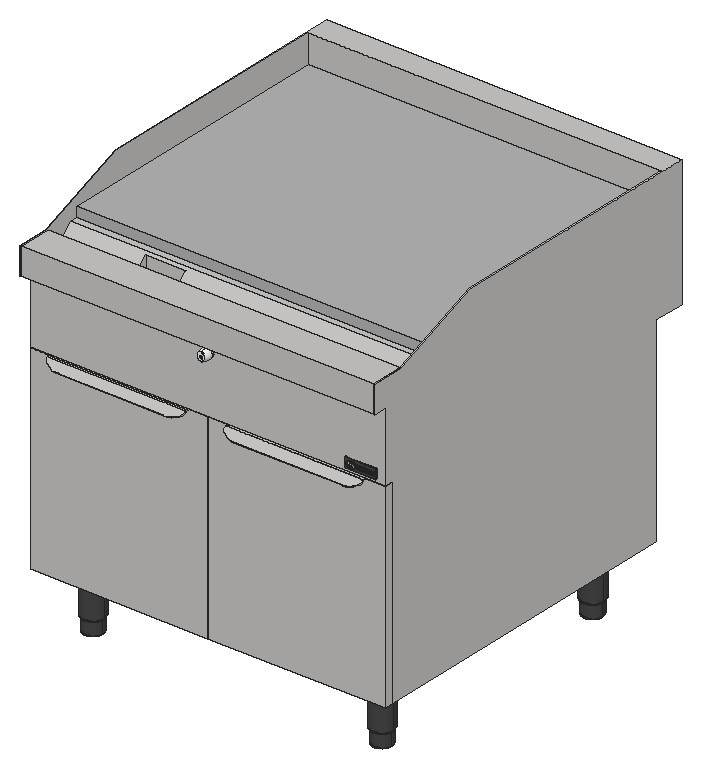
Revit family "QF_MACOM_CH92C-N_G", category Specialty Equipment, Revit 2020
Family settings
  Round Connector Dimension = Use Diameter
  Part Type = Normal
  OmniClass Number = 23.40.40.14.17.14
  OmniClass Title = Hot Plates
  Work Plane-Based = No
  Always vertical = Yes
  Cut with Voids When Loaded = No
  Shared = No
  Room Calculation Point = No
Parameters (values of type "CH92C-G")
  Watts = 100 W
  Volts = 220 V
  Show Logo [instance] = yes
  Plate Width = 445.000 mm
  Width = 900.000 mm
  Weight = 0.00 kg
  Volume = 0.85 m³
  URL = "https://www.acosmacom.com.br/"
  Phase = 1
  Model = "CH92C-G"
  Height = 985.000 mm
  Gas Size = 3/4"
  Gas Pressure = 0.0285 bar
  Gas Input GN = ""
  Gas Input GLP = 71420 Btu/h
  Gas Consumption GN = 0.0 m³/h
  Gas Consumption GLP = "1,57 Kg/h"
  Gas Connection Height = 212.000 mm
  Manufacturer = "MACOM"
  Default Elevation = 0.000 mm
  Electric Connection Height = 284.000 mm
  Description = "CHAPA A GAS GLP 900HP MACOM COM MODULO BASE E PORTA - 900X972X900MM"
  Plate Depth = 737.000 mm
  Depth = 972.000 mm
  Cycle = 60 Hz
  Capacity in Liters = 0.0 L
Reference planes
  plane 1 "Centro (Frente/Trás)": y = 0
  plane 2: z = 0
  plane 3 "Centro (Esquerda/Direita)": x = 0
  plane 4: x = 900
  plane 5: y = -745
  plane 6: z = 832
  plane 7: z = 900
  plane 8: z = 0
  plane 9: z = 985
  plane 10: y = -572
  plane 11: x = 897.5
  plane 12: x = 2.5
  plane 13: y = -711
  plane 14: y = 227
  plane 15: y = 165
  plane 16: y = 147
  plane 17: y = 153.35
  plane 18: x = 450
  plane 19: z = 655
  plane 20: z = 150
Forms (mm)
  Extrusion 1, solid, material "QF_Stainless-Polished"
    sketch origin (0, 0, -7) x (0, 1, 0) y (0, 0, 1)
      loop
        line (147, 157) -> (147, 662) -> (227, 662) -> (227, 839) -> (-711, 839) -> (-711, 662) -> (-691, 662) -> (-691, 157) -> (147, 157)
    from 0 to 900
  Extrusion 2, solid, material "QF_Stainless-Polished"
    sketch origin (0, 0, -7) x (0, 1, 0) y (0, 0, 1)
      loop
        line (165, 839) -> (165, 992) -> (-442, 992) -> (-662.7, 907) -> (-745, 907) -> (-745, 839) -> (165, 839)
    from 0 to 2.5
  Extrusion 3, solid, material "QF_Stainless-Polished"
    sketch origin (357.5, 0, -7) x (0, 1, 0) y (0, 0, 1)
      loop
        line (165, 839) -> (165, 992) -> (-442, 992) -> (-662.7, 907) -> (-745, 907) -> (-745, 839) -> (165, 839)
    from 540 to 542.5
  Extrusion 4, solid, material "QF_Stainless-Polished"
    sketch origin (0, 0, -7) x (1, 0, 0) y (0, 0, 1)
      loop
        line (900, 839) -> (900, 992) -> (0, 992) -> (0, 839) -> (900, 839)
    from -227 to -165
  Extrusion 5, solid, material "QF_Metal_Steel", detail levels medium+fine
    sketch origin (0, 0, -7) x (1, 0, 0) y (0, 0, 1)
      loop
        line (2.5, 896) -> (897.5, 896) -> (897.5, 921) -> (2.5, 921) -> (2.5, 896)
    from -165 to 572
  Extrusion 6, solid, material "QF_Stainless-Polished"
    sketch origin (0, 0, -7) x (0, 1, 0) y (0, 0, 1)
      loop
        line (-745, 907) -> (-745, 839) -> (-661, 839) -> (-661, 907) -> (-745, 907)
    from 2.5 to 897.5
  Extrusion 7, solid, material "QF_Metal_Stainless Steel"
    sketch origin (0, 0, -7) x (0, 1, 0) y (0, 0, 1)
      loop
        line (-591, 896) -> (-649.8, 839) -> (-606.6, 839) -> (165, 839) -> (165, 896) -> (-591, 896)
    from 2.5 to 897.5
  Extrusion 8, solid, material "QF_Metal_Stainless Steel"
    sketch origin (0, 0, 0) x (1, 0, 0) y (0, 0, 1)
      loop
        circle (828, 212) r 9.525
    from -147 to -153.35
  Extrusion 9, solid, material "QF_Metal_Stainless Steel"
    sketch origin (0, 0, 0) x (1, 0, 0) y (0, 0, 1)
      loop
        circle (863.6, 284) r 9.525
    from -147 to -153.35
  Extrusion 10, void
    sketch origin (167.289, 0, 0) x (1, 0, 0) y (0, 1, 0)
      loop
        line (32.694, -597) -> (32.694, -643.5) -> (133.567, -643.5) -> (133.567, -597) -> (32.694, -597)
    from 893 to 832
Cuts and joins
  joined: Extrusion 1, Extrusion 2, Extrusion 3, Extrusion 4
  Extrusion 10 cuts Extrusion 7
Lines and regions (mm)
  symbolic lines
    curve 1: line (86.37, 0, 0) -> (900, 0, 0)
    curve 2: line (900, 0, 0) -> (900, -745, 0)
    curve 3: line (900, -745, 0) -> (86.37, -745, 0)
    curve 4: line (2.5, -62, 0) -> (897.5, -62, 0)
    curve 5: line (897.5, -62, 0) -> (897.5, -662.7, 0)
    curve 6: line (897.5, -662.7, 0) -> (900, -662.7, 0)
    curve 7: line (86.37, -662.7, 0) -> (2.5, -662.7, 0)
    curve 8: line (2.5, -662.7, 0) -> (2.5, -62, 0)
    curve 9: line (897.5, -591.194, 0) -> (2.5, -591.194, 0)
    curve 10: line (2.5, -599.8, 0) -> (897.5, -599.8, 0)
    curve 11: line (897.5, -649.8, 0) -> (2.5, -649.8, 0)
    curve 12: line (2.5, -661, 0) -> (897.5, -661, 0)
    curve 13: line (100, 0, 370) -> (100, 0, -10)
    curve 14: line (232.5, 0, 250) -> (-182.5, 0, 250)
    curve 15: line (800, 0, 435) -> (800, 0, 65)
    curve 16: line (230, 0, 350) -> (920, 0, 350)
    curve 17: line (132.87, -643.5, 0) -> (86.37, -643.5, 0)
    curve 18: line (132.87, -597, 0) -> (132.87, -643.5, 0)
    curve 19: line (86.37, -597, 0) -> (132.87, -597, 0)
    curve 20: line (86.37, -643.5, 0) -> (86.37, -597, 0)
  model lines
    curve 21: line (26.904, 219.75, 985) -> (13.017, 179.419, 985)
    curve 22: line (35.844, 216.672, 985) -> (21.957, 176.341, 985)
    curve 23: arc (13.017, 179.419, 985) -> (15.948, 173.41, 985) -> (21.957, 176.341, 985) r 4.728
    curve 24: arc (26.904, 219.75, 985) -> (32.913, 222.681, 985) -> (35.844, 216.672, 985) r 4.728
    curve 25: line (41.904, 219.75, 985) -> (28.017, 179.419, 985)
    curve 26: line (50.844, 216.672, 985) -> (36.957, 176.341, 985)
    curve 27: arc (28.017, 179.419, 985) -> (30.948, 173.41, 985) -> (36.957, 176.341, 985) r 4.728
    curve 28: arc (41.904, 219.75, 985) -> (47.913, 222.681, 985) -> (50.844, 216.672, 985) r 4.728
    curve 29: line (56.904, 219.75, 985) -> (43.017, 179.419, 985)
    curve 30: line (65.844, 216.672, 985) -> (51.957, 176.341, 985)
    curve 31: arc (43.017, 179.419, 985) -> (45.948, 173.41, 985) -> (51.957, 176.341, 985) r 4.728
    curve 32: arc (56.904, 219.75, 985) -> (62.913, 222.681, 985) -> (65.844, 216.672, 985) r 4.728
    curve 33: line (71.904, 219.75, 985) -> (58.017, 179.419, 985)
    curve 34: line (80.844, 216.672, 985) -> (66.957, 176.341, 985)
    curve 35: arc (58.017, 179.419, 985) -> (60.948, 173.41, 985) -> (66.957, 176.341, 985) r 4.728
    curve 36: arc (71.904, 219.75, 985) -> (77.913, 222.681, 985) -> (80.844, 216.672, 985) r 4.728
    curve 37: line (86.904, 219.75, 985) -> (73.017, 179.419, 985)
    curve 38: line (95.844, 216.672, 985) -> (81.957, 176.341, 985)
    curve 39: arc (73.017, 179.419, 985) -> (75.948, 173.41, 985) -> (81.957, 176.341, 985) r 4.728
    curve 40: arc (86.904, 219.75, 985) -> (92.913, 222.681, 985) -> (95.844, 216.672, 985) r 4.728
    curve 41: line (101.904, 219.75, 985) -> (88.017, 179.419, 985)
    curve 42: line (110.844, 216.672, 985) -> (96.957, 176.341, 985)
    curve 43: arc (88.017, 179.419, 985) -> (90.948, 173.41, 985) -> (96.957, 176.341, 985) r 4.728
    curve 44: arc (101.904, 219.75, 985) -> (107.913, 222.681, 985) -> (110.844, 216.672, 985) r 4.728
    curve 45: line (116.904, 219.75, 985) -> (103.017, 179.419, 985)
    curve 46: line (125.844, 216.672, 985) -> (111.957, 176.341, 985)
    curve 47: arc (103.017, 179.419, 985) -> (105.948, 173.41, 985) -> (111.957, 176.341, 985) r 4.728
    curve 48: arc (116.904, 219.75, 985) -> (122.913, 222.681, 985) -> (125.844, 216.672, 985) r 4.728
    curve 49: line (131.904, 219.75, 985) -> (118.017, 179.419, 985)
    curve 50: line (140.844, 216.672, 985) -> (126.957, 176.341, 985)
    curve 51: arc (118.017, 179.419, 985) -> (120.948, 173.41, 985) -> (126.957, 176.341, 985) r 4.728
    curve 52: arc (131.904, 219.75, 985) -> (137.913, 222.681, 985) -> (140.844, 216.672, 985) r 4.728
    curve 53: line (146.904, 219.75, 985) -> (133.017, 179.419, 985)
    curve 54: line (155.844, 216.672, 985) -> (141.957, 176.341, 985)
    curve 55: arc (133.017, 179.419, 985) -> (135.948, 173.41, 985) -> (141.957, 176.341, 985) r 4.728
    curve 56: arc (146.904, 219.75, 985) -> (152.913, 222.681, 985) -> (155.844, 216.672, 985) r 4.728
    curve 57: line (161.904, 219.75, 985) -> (148.017, 179.419, 985)
    curve 58: line (170.844, 216.672, 985) -> (156.957, 176.341, 985)
    curve 59: arc (148.017, 179.419, 985) -> (150.948, 173.41, 985) -> (156.957, 176.341, 985) r 4.728
    curve 60: arc (161.904, 219.75, 985) -> (167.913, 222.681, 985) -> (170.844, 216.672, 985) r 4.728
    curve 61: line (176.904, 219.75, 985) -> (163.017, 179.419, 985)
    curve 62: line (185.844, 216.672, 985) -> (171.957, 176.341, 985)
    curve 63: arc (163.017, 179.419, 985) -> (165.948, 173.41, 985) -> (171.957, 176.341, 985) r 4.728
    curve 64: arc (176.904, 219.75, 985) -> (182.913, 222.681, 985) -> (185.844, 216.672, 985) r 4.728
    curve 65: line (191.904, 219.75, 985) -> (178.017, 179.419, 985)
    curve 66: line (200.844, 216.672, 985) -> (186.957, 176.341, 985)
    curve 67: arc (178.017, 179.419, 985) -> (180.948, 173.41, 985) -> (186.957, 176.341, 985) r 4.728
    curve 68: arc (191.904, 219.75, 985) -> (197.913, 222.681, 985) -> (200.844, 216.672, 985) r 4.728
    curve 69: line (206.904, 219.75, 985) -> (193.017, 179.419, 985)
    curve 70: line (215.844, 216.672, 985) -> (201.957, 176.341, 985)
    curve 71: arc (193.017, 179.419, 985) -> (195.948, 173.41, 985) -> (201.957, 176.341, 985) r 4.728
    curve 72: arc (206.904, 219.75, 985) -> (212.913, 222.681, 985) -> (215.844, 216.672, 985) r 4.728
    curve 73: line (221.904, 219.75, 985) -> (208.017, 179.419, 985)
    curve 74: line (230.844, 216.672, 985) -> (216.957, 176.341, 985)
    curve 75: arc (208.017, 179.419, 985) -> (210.948, 173.41, 985) -> (216.957, 176.341, 985) r 4.728
    curve 76: arc (221.904, 219.75, 985) -> (227.913, 222.681, 985) -> (230.844, 216.672, 985) r 4.728
    curve 77: line (236.904, 219.75, 985) -> (223.017, 179.419, 985)
    curve 78: line (245.844, 216.672, 985) -> (231.957, 176.341, 985)
    curve 79: arc (223.017, 179.419, 985) -> (225.948, 173.41, 985) -> (231.957, 176.341, 985) r 4.728
    curve 80: arc (236.904, 219.75, 985) -> (242.913, 222.681, 985) -> (245.844, 216.672, 985) r 4.728
    curve 81: line (251.904, 219.75, 985) -> (238.017, 179.419, 985)
    curve 82: line (260.844, 216.672, 985) -> (246.957, 176.341, 985)
    curve 83: arc (238.017, 179.419, 985) -> (240.948, 173.41, 985) -> (246.957, 176.341, 985) r 4.728
    curve 84: arc (251.904, 219.75, 985) -> (257.913, 222.681, 985) -> (260.844, 216.672, 985) r 4.728
    curve 85: line (266.904, 219.75, 985) -> (253.017, 179.419, 985)
    curve 86: line (275.844, 216.672, 985) -> (261.957, 176.341, 985)
    curve 87: arc (253.017, 179.419, 985) -> (255.948, 173.41, 985) -> (261.957, 176.341, 985) r 4.728
    curve 88: arc (266.904, 219.75, 985) -> (272.913, 222.681, 985) -> (275.844, 216.672, 985) r 4.728
    curve 89: line (281.904, 219.75, 985) -> (268.017, 179.419, 985)
    curve 90: line (290.844, 216.672, 985) -> (276.957, 176.341, 985)
    curve 91: arc (268.017, 179.419, 985) -> (270.948, 173.41, 985) -> (276.957, 176.341, 985) r 4.728
    curve 92: arc (281.904, 219.75, 985) -> (287.913, 222.681, 985) -> (290.844, 216.672, 985) r 4.728
    curve 93: line (296.904, 219.75, 985) -> (283.017, 179.419, 985)
    curve 94: line (305.844, 216.672, 985) -> (291.957, 176.341, 985)
    curve 95: arc (283.017, 179.419, 985) -> (285.948, 173.41, 985) -> (291.957, 176.341, 985) r 4.728
    curve 96: arc (296.904, 219.75, 985) -> (302.913, 222.681, 985) -> (305.844, 216.672, 985) r 4.728
    curve 97: line (311.904, 219.75, 985) -> (298.017, 179.419, 985)
    curve 98: line (320.844, 216.672, 985) -> (306.957, 176.341, 985)
    curve 99: arc (298.017, 179.419, 985) -> (300.948, 173.41, 985) -> (306.957, 176.341, 985) r 4.728
    curve 100: arc (311.904, 219.75, 985) -> (317.913, 222.681, 985) -> (320.844, 216.672, 985) r 4.728
    curve 101: line (326.904, 219.75, 985) -> (313.017, 179.419, 985)
    curve 102: line (335.844, 216.672, 985) -> (321.957, 176.341, 985)
    curve 103: arc (313.017, 179.419, 985) -> (315.948, 173.41, 985) -> (321.957, 176.341, 985) r 4.728
    curve 104: arc (326.904, 219.75, 985) -> (332.913, 222.681, 985) -> (335.844, 216.672, 985) r 4.728
    curve 105: line (341.904, 219.75, 985) -> (328.017, 179.419, 985)
    curve 106: line (350.844, 216.672, 985) -> (336.957, 176.341, 985)
    curve 107: arc (328.017, 179.419, 985) -> (330.948, 173.41, 985) -> (336.957, 176.341, 985) r 4.728
    curve 108: arc (341.904, 219.75, 985) -> (347.913, 222.681, 985) -> (350.844, 216.672, 985) r 4.728
    curve 109: line (356.904, 219.75, 985) -> (343.017, 179.419, 985)
    curve 110: line (365.844, 216.672, 985) -> (351.957, 176.341, 985)
    curve 111: arc (343.017, 179.419, 985) -> (345.948, 173.41, 985) -> (351.957, 176.341, 985) r 4.728
    curve 112: arc (356.904, 219.75, 985) -> (362.913, 222.681, 985) -> (365.844, 216.672, 985) r 4.728
    curve 113: line (371.904, 219.75, 985) -> (358.017, 179.419, 985)
    curve 114: line (380.844, 216.672, 985) -> (366.957, 176.341, 985)
    curve 115: arc (358.017, 179.419, 985) -> (360.948, 173.41, 985) -> (366.957, 176.341, 985) r 4.728
    curve 116: arc (371.904, 219.75, 985) -> (377.913, 222.681, 985) -> (380.844, 216.672, 985) r 4.728
    curve 117: line (386.904, 219.75, 985) -> (373.017, 179.419, 985)
    curve 118: line (395.844, 216.672, 985) -> (381.957, 176.341, 985)
    curve 119: arc (373.017, 179.419, 985) -> (375.948, 173.41, 985) -> (381.957, 176.341, 985) r 4.728
    curve 120: arc (386.904, 219.75, 985) -> (392.913, 222.681, 985) -> (395.844, 216.672, 985) r 4.728
    curve 121: line (401.904, 219.75, 985) -> (388.017, 179.419, 985)
    curve 122: line (410.844, 216.672, 985) -> (396.957, 176.341, 985)
    curve 123: arc (388.017, 179.419, 985) -> (390.948, 173.41, 985) -> (396.957, 176.341, 985) r 4.728
    curve 124: arc (401.904, 219.75, 985) -> (407.913, 222.681, 985) -> (410.844, 216.672, 985) r 4.728
    curve 125: line (416.904, 219.75, 985) -> (403.017, 179.419, 985)
    curve 126: line (425.844, 216.672, 985) -> (411.957, 176.341, 985)
    curve 127: arc (403.017, 179.419, 985) -> (405.948, 173.41, 985) -> (411.957, 176.341, 985) r 4.728
    curve 128: arc (416.904, 219.75, 985) -> (422.913, 222.681, 985) -> (425.844, 216.672, 985) r 4.728
    curve 129: line (431.904, 219.75, 985) -> (418.017, 179.419, 985)
    curve 130: line (440.844, 216.672, 985) -> (426.957, 176.341, 985)
    curve 131: arc (418.017, 179.419, 985) -> (420.948, 173.41, 985) -> (426.957, 176.341, 985) r 4.728
    curve 132: arc (431.904, 219.75, 985) -> (437.913, 222.681, 985) -> (440.844, 216.672, 985) r 4.728
    curve 133: line (446.904, 219.75, 985) -> (433.017, 179.419, 985)
    curve 134: line (455.844, 216.672, 985) -> (441.957, 176.341, 985)
    curve 135: arc (433.017, 179.419, 985) -> (435.948, 173.41, 985) -> (441.957, 176.341, 985) r 4.728
    curve 136: arc (446.904, 219.75, 985) -> (452.913, 222.681, 985) -> (455.844, 216.672, 985) r 4.728
    curve 137: line (461.904, 219.75, 985) -> (448.017, 179.419, 985)
    curve 138: line (470.844, 216.672, 985) -> (456.957, 176.341, 985)
    curve 139: arc (448.017, 179.419, 985) -> (450.948, 173.41, 985) -> (456.957, 176.341, 985) r 4.728
    curve 140: arc (461.904, 219.75, 985) -> (467.913, 222.681, 985) -> (470.844, 216.672, 985) r 4.728
    curve 141: line (476.904, 219.75, 985) -> (463.017, 179.419, 985)
    curve 142: line (485.844, 216.672, 985) -> (471.957, 176.341, 985)
    curve 143: arc (463.017, 179.419, 985) -> (465.948, 173.41, 985) -> (471.957, 176.341, 985) r 4.728
    curve 144: arc (476.904, 219.75, 985) -> (482.913, 222.681, 985) -> (485.844, 216.672, 985) r 4.728
    curve 145: line (491.904, 219.75, 985) -> (478.017, 179.419, 985)
    curve 146: line (500.844, 216.672, 985) -> (486.957, 176.341, 985)
    curve 147: arc (478.017, 179.419, 985) -> (480.948, 173.41, 985) -> (486.957, 176.341, 985) r 4.728
    curve 148: arc (491.904, 219.75, 985) -> (497.913, 222.681, 985) -> (500.844, 216.672, 985) r 4.728
    curve 149: line (506.904, 219.75, 985) -> (493.017, 179.419, 985)
    curve 150: line (515.844, 216.672, 985) -> (501.957, 176.341, 985)
    curve 151: arc (493.017, 179.419, 985) -> (495.948, 173.41, 985) -> (501.957, 176.341, 985) r 4.728
    curve 152: arc (506.904, 219.75, 985) -> (512.913, 222.681, 985) -> (515.844, 216.672, 985) r 4.728
    curve 153: line (521.904, 219.75, 985) -> (508.017, 179.419, 985)
    curve 154: line (530.844, 216.672, 985) -> (516.957, 176.341, 985)
    curve 155: arc (508.017, 179.419, 985) -> (510.948, 173.41, 985) -> (516.957, 176.341, 985) r 4.728
    curve 156: arc (521.904, 219.75, 985) -> (527.913, 222.681, 985) -> (530.844, 216.672, 985) r 4.728
    curve 157: line (536.904, 219.75, 985) -> (523.017, 179.419, 985)
    curve 158: line (545.844, 216.672, 985) -> (531.957, 176.341, 985)
    curve 159: arc (523.017, 179.419, 985) -> (525.948, 173.41, 985) -> (531.957, 176.341, 985) r 4.728
    curve 160: arc (536.904, 219.75, 985) -> (542.913, 222.681, 985) -> (545.844, 216.672, 985) r 4.728
    curve 161: line (551.904, 219.75, 985) -> (538.017, 179.419, 985)
    curve 162: line (560.844, 216.672, 985) -> (546.957, 176.341, 985)
    curve 163: arc (538.017, 179.419, 985) -> (540.948, 173.41, 985) -> (546.957, 176.341, 985) r 4.728
    curve 164: arc (551.904, 219.75, 985) -> (557.913, 222.681, 985) -> (560.844, 216.672, 985) r 4.728
    curve 165: line (566.904, 219.75, 985) -> (553.017, 179.419, 985)
    curve 166: line (575.844, 216.672, 985) -> (561.957, 176.341, 985)
    curve 167: arc (553.017, 179.419, 985) -> (555.948, 173.41, 985) -> (561.957, 176.341, 985) r 4.728
    curve 168: arc (566.904, 219.75, 985) -> (572.913, 222.681, 985) -> (575.844, 216.672, 985) r 4.728
    curve 169: line (581.904, 219.75, 985) -> (568.017, 179.419, 985)
    curve 170: line (590.844, 216.672, 985) -> (576.957, 176.341, 985)
    curve 171: arc (568.017, 179.419, 985) -> (570.948, 173.41, 985) -> (576.957, 176.341, 985) r 4.728
    curve 172: arc (581.904, 219.75, 985) -> (587.913, 222.681, 985) -> (590.844, 216.672, 985) r 4.728
    curve 173: line (596.904, 219.75, 985) -> (583.017, 179.419, 985)
    curve 174: line (605.844, 216.672, 985) -> (591.957, 176.341, 985)
    curve 175: arc (583.017, 179.419, 985) -> (585.948, 173.41, 985) -> (591.957, 176.341, 985) r 4.728
    curve 176: arc (596.904, 219.75, 985) -> (602.913, 222.681, 985) -> (605.844, 216.672, 985) r 4.728
    curve 177: line (611.904, 219.75, 985) -> (598.017, 179.419, 985)
    curve 178: line (620.844, 216.672, 985) -> (606.957, 176.341, 985)
    curve 179: arc (598.017, 179.419, 985) -> (600.948, 173.41, 985) -> (606.957, 176.341, 985) r 4.728
    curve 180: arc (611.904, 219.75, 985) -> (617.913, 222.681, 985) -> (620.844, 216.672, 985) r 4.728
    curve 181: line (626.904, 219.75, 985) -> (613.017, 179.419, 985)
    curve 182: line (635.844, 216.672, 985) -> (621.957, 176.341, 985)
    curve 183: arc (613.017, 179.419, 985) -> (615.948, 173.41, 985) -> (621.957, 176.341, 985) r 4.728
    curve 184: arc (626.904, 219.75, 985) -> (632.913, 222.681, 985) -> (635.844, 216.672, 985) r 4.728
    curve 185: line (641.904, 219.75, 985) -> (628.017, 179.419, 985)
    curve 186: line (650.844, 216.672, 985) -> (636.957, 176.341, 985)
    curve 187: arc (628.017, 179.419, 985) -> (630.948, 173.41, 985) -> (636.957, 176.341, 985) r 4.728
    curve 188: arc (641.904, 219.75, 985) -> (647.913, 222.681, 985) -> (650.844, 216.672, 985) r 4.728
    curve 189: line (656.904, 219.75, 985) -> (643.017, 179.419, 985)
    curve 190: line (665.844, 216.672, 985) -> (651.957, 176.341, 985)
    curve 191: arc (643.017, 179.419, 985) -> (645.948, 173.41, 985) -> (651.957, 176.341, 985) r 4.728
    curve 192: arc (656.904, 219.75, 985) -> (662.913, 222.681, 985) -> (665.844, 216.672, 985) r 4.728
    curve 193: line (671.904, 219.75, 985) -> (658.017, 179.419, 985)
    curve 194: line (680.844, 216.672, 985) -> (666.957, 176.341, 985)
    curve 195: arc (658.017, 179.419, 985) -> (660.948, 173.41, 985) -> (666.957, 176.341, 985) r 4.728
    curve 196: arc (671.904, 219.75, 985) -> (677.913, 222.681, 985) -> (680.844, 216.672, 985) r 4.728
    curve 197: line (686.904, 219.75, 985) -> (673.017, 179.419, 985)
    curve 198: line (695.844, 216.672, 985) -> (681.957, 176.341, 985)
    curve 199: arc (673.017, 179.419, 985) -> (675.948, 173.41, 985) -> (681.957, 176.341, 985) r 4.728
    curve 200: arc (686.904, 219.75, 985) -> (692.913, 222.681, 985) -> (695.844, 216.672, 985) r 4.728
    curve 201: line (701.904, 219.75, 985) -> (688.017, 179.419, 985)
    curve 202: line (710.844, 216.672, 985) -> (696.957, 176.341, 985)
    curve 203: arc (688.017, 179.419, 985) -> (690.948, 173.41, 985) -> (696.957, 176.341, 985) r 4.728
    curve 204: arc (701.904, 219.75, 985) -> (707.913, 222.681, 985) -> (710.844, 216.672, 985) r 4.728
    curve 205: line (716.904, 219.75, 985) -> (703.017, 179.419, 985)
    curve 206: line (725.844, 216.672, 985) -> (711.957, 176.341, 985)
    curve 207: arc (703.017, 179.419, 985) -> (705.948, 173.41, 985) -> (711.957, 176.341, 985) r 4.728
    curve 208: arc (716.904, 219.75, 985) -> (722.913, 222.681, 985) -> (725.844, 216.672, 985) r 4.728
    curve 209: line (731.904, 219.75, 985) -> (718.017, 179.419, 985)
    curve 210: line (740.844, 216.672, 985) -> (726.957, 176.341, 985)
    curve 211: arc (718.017, 179.419, 985) -> (720.948, 173.41, 985) -> (726.957, 176.341, 985) r 4.728
    curve 212: arc (731.904, 219.75, 985) -> (737.913, 222.681, 985) -> (740.844, 216.672, 985) r 4.728
    curve 213: line (746.904, 219.75, 985) -> (733.017, 179.419, 985)
    curve 214: line (755.844, 216.672, 985) -> (741.957, 176.341, 985)
    curve 215: arc (733.017, 179.419, 985) -> (735.948, 173.41, 985) -> (741.957, 176.341, 985) r 4.728
    curve 216: arc (746.904, 219.75, 985) -> (752.913, 222.681, 985) -> (755.844, 216.672, 985) r 4.728
    curve 217: line (761.904, 219.75, 985) -> (748.017, 179.419, 985)
    curve 218: line (770.844, 216.672, 985) -> (756.957, 176.341, 985)
    curve 219: arc (748.017, 179.419, 985) -> (750.948, 173.41, 985) -> (756.957, 176.341, 985) r 4.728
    curve 220: arc (761.904, 219.75, 985) -> (767.913, 222.681, 985) -> (770.844, 216.672, 985) r 4.728
    curve 221: line (776.904, 219.75, 985) -> (763.017, 179.419, 985)
    curve 222: line (785.844, 216.672, 985) -> (771.957, 176.341, 985)
    curve 223: arc (763.017, 179.419, 985) -> (765.948, 173.41, 985) -> (771.957, 176.341, 985) r 4.728
    curve 224: arc (776.904, 219.75, 985) -> (782.913, 222.681, 985) -> (785.844, 216.672, 985) r 4.728
    curve 225: line (791.904, 219.75, 985) -> (778.017, 179.419, 985)
    curve 226: line (800.844, 216.672, 985) -> (786.957, 176.341, 985)
    curve 227: arc (778.017, 179.419, 985) -> (780.948, 173.41, 985) -> (786.957, 176.341, 985) r 4.728
    curve 228: arc (791.904, 219.75, 985) -> (797.913, 222.681, 985) -> (800.844, 216.672, 985) r 4.728
    curve 229: line (806.904, 219.75, 985) -> (793.017, 179.419, 985)
    curve 230: line (815.844, 216.672, 985) -> (801.957, 176.341, 985)
    curve 231: arc (793.017, 179.419, 985) -> (795.948, 173.41, 985) -> (801.957, 176.341, 985) r 4.728
    curve 232: arc (806.904, 219.75, 985) -> (812.913, 222.681, 985) -> (815.844, 216.672, 985) r 4.728
    curve 233: line (821.904, 219.75, 985) -> (808.017, 179.419, 985)
    curve 234: line (830.844, 216.672, 985) -> (816.957, 176.341, 985)
    curve 235: arc (808.017, 179.419, 985) -> (810.948, 173.41, 985) -> (816.957, 176.341, 985) r 4.728
    curve 236: arc (821.904, 219.75, 985) -> (827.913, 222.681, 985) -> (830.844, 216.672, 985) r 4.728
    curve 237: line (836.904, 219.75, 985) -> (823.017, 179.419, 985)
    curve 238: line (845.844, 216.672, 985) -> (831.957, 176.341, 985)
    curve 239: arc (823.017, 179.419, 985) -> (825.948, 173.41, 985) -> (831.957, 176.341, 985) r 4.728
    curve 240: arc (836.904, 219.75, 985) -> (842.913, 222.681, 985) -> (845.844, 216.672, 985) r 4.728
    curve 241: line (851.904, 219.75, 985) -> (838.017, 179.419, 985)
    curve 242: line (860.844, 216.672, 985) -> (846.957, 176.341, 985)
    curve 243: arc (838.017, 179.419, 985) -> (840.948, 173.41, 985) -> (846.957, 176.341, 985) r 4.728
    curve 244: arc (851.904, 219.75, 985) -> (857.913, 222.681, 985) -> (860.844, 216.672, 985) r 4.728
    curve 245: line (866.904, 219.75, 985) -> (853.017, 179.419, 985)
    curve 246: line (875.844, 216.672, 985) -> (861.957, 176.341, 985)
    curve 247: arc (853.017, 179.419, 985) -> (855.948, 173.41, 985) -> (861.957, 176.341, 985) r 4.728
    curve 248: arc (866.904, 219.75, 985) -> (872.913, 222.681, 985) -> (875.844, 216.672, 985) r 4.728
    curve 249: line (881.904, 219.75, 985) -> (868.017, 179.419, 985)
    curve 250: line (890.844, 216.672, 985) -> (876.957, 176.341, 985)
    curve 251: arc (868.017, 179.419, 985) -> (870.948, 173.41, 985) -> (876.957, 176.341, 985) r 4.728
    curve 252: arc (881.904, 219.75, 985) -> (887.913, 222.681, 985) -> (890.844, 216.672, 985) r 4.728
Dimensions and locks
  "Depth": plane 5 to plane 14
  locked: plane 15 to plane 14 at 62
  "Height": level to plane 9
  "Width": plane 3 "Centro (Esquerda/Direita)" to plane 4
  plane 5 to nested 5 = 100.000 mm
  plane 14 to plane 5 = 972.000 mm
  locked: Extrusion 5 to cut or joined group of Extrusion 1, Extrusion 2, Extrusion 3, Extrusion 4 at 737
  locked: Extrusion 5 to Extrusion 7 at 25
  cut or joined group of Extrusion 1, Extrusion 2, Extrusion 3, Extrusion 4 to cut or joined group of Extrusion 1, Extrusion 2, Extrusion 3, Extrusion 4 = 895.000 mm
  locked: plane 11 to plane 4 at 2.5
  equal spacing: group 1, group 2, group 3, group 4, group 5, group 6, group 7, group 8, group 9, group 10, group 11, group 12, group 13, group 14, group 15, group 16, group 17, group 18, group 19, group 20, group 21, group 22, group 23, group 24, group 25, group 26, group 27, group 28, group 29, group 30, group 31, group 32, group 33, group 34, group 35, group 36, group 37, group 38, group 39, group 40, group 41, group 42, group 43, group 44, group 45, group 46, group 47, group 48, group 49, group 50, group 51, group 52, group 53, group 54, group 55, group 56, group 57, group 58  (x3)
  nested 6 to plane 4 = 85.000 mm
  plane 3 "Centro (Esquerda/Direita)" to nested 7 = 85.000 mm
  equal spacing: plane 3 "Centro (Esquerda/Direita)", plane 18, plane 4
  "Gas Connection Height": level to Extrusion 8 sketch curve
  locked: plane 4 to Extrusion 8 sketch curve at 72
  "Electric Connection Height": level to Extrusion 9 sketch curve
  locked: plane 4 to Extrusion 9 sketch curve at 36.4
  plane 19 to level = 655.000 mm
  locked: plane 19 to plane 7 at 245
  level to plane 20 = 150.000 mm
  "Gas Size": diameter of Extrusion 8 sketch curve
  aligned and locked: level to plane 2
  aligned and locked: Extrusion 2 to Extrusion 6
  aligned and locked: Extrusion 2 to Extrusion 3
  aligned and locked: Extrusion 1 to Extrusion 2
  aligned and locked: Extrusion 3 to Extrusion 2
  aligned and locked: Extrusion 4 to plane 15
  aligned and locked: plane 15 to Extrusion 3
  aligned and locked: plane 15 to Extrusion 2
  aligned and locked: plane 15 to Extrusion 5
  aligned and locked: Extrusion 6 to plane 11
  aligned and locked: Extrusion 5 to plane 12
  aligned and locked: Extrusion 7 to plane 11
  aligned and locked: Extrusion 7 to Extrusion 2
  aligned and locked: Extrusion 4 to plane 3 "Centro (Esquerda/Direita)"
  aligned and locked: Extrusion 1 to Extrusion 4  (x2)
  aligned and locked: Extrusion 1 to plane 16
  aligned and locked: nested 3 to Extrusion 1  (x2)
  aligned and locked: Extrusion 1 to nested 1
  aligned and locked: Extrusion 1 to Extrusion 3
  aligned and locked: plane 14 to Extrusion 1
  aligned and locked: Extrusion 4 to Extrusion 3
  aligned and locked: Extrusion 7 to Extrusion 5
  aligned and locked: plane 17 to Extrusion 8
  aligned and locked: plane 16 to Extrusion 8
  aligned and locked: plane 17 to Extrusion 9
  aligned and locked: Extrusion 9 to cut or joined group of Extrusion 1, Extrusion 2, Extrusion 3, Extrusion 4
  aligned and locked: plane 4 to cut or joined group of Extrusion 1, Extrusion 2, Extrusion 3, Extrusion 4  (x2)
  aligned and locked: cut or joined group of Extrusion 1, Extrusion 2, Extrusion 3, Extrusion 4 to plane 11
  aligned and locked: cut or joined group of Extrusion 1, Extrusion 2, Extrusion 3, Extrusion 4 to nested 8
  aligned and locked: curve 2 to plane 4
  aligned and locked: nested 5 to nested 6
  aligned and locked: nested 4 to nested 7
  aligned and locked: plane 18 to nested 1
  aligned and locked: nested 8 to cut or joined group of Extrusion 1, Extrusion 2, Extrusion 3, Extrusion 4
  aligned and locked: plane 19 to cut or joined group of Extrusion 1, Extrusion 2, Extrusion 3, Extrusion 4
  aligned and locked: plane 20 to cut or joined group of Extrusion 1, Extrusion 2, Extrusion 3, Extrusion 4
Automatic sketch dimensions
  curve 14 to plane 3 "Centro (Esquerda/Direita)" = 182.500 mm
  curve 13 to level = 10.000 mm
  plane 12 to curve 13 = 97.500 mm
  curve 13 to curve 16 = 130.000 mm
  curve 16 to curve 14 = 2.500 mm
  plane 11 to curve 15 = 97.500 mm
  plane 4 to curve 16 = 20.000 mm
  level to curve 15 = 65.000 mm
  curve 16 to curve 13 = 20.000 mm
  curve 16 to curve 15 = 85.000 mm
  plane 6 to Extrusion 1 sketch curve = 0.000 mm
  Extrusion 1 sketch curve to plane 13 = 0.000 mm
  Extrusion 1 sketch curve to plane 16 = 0.000 mm
  Extrusion 1 sketch curve to plane 14 = 0.000 mm
  plane 13 to Extrusion 1 sketch curve = 20.000 mm
  plane 6 to Extrusion 1 sketch curve = 177.000 mm  (x2)
  level to Extrusion 1 sketch curve = 150.000 mm
  Extrusion 2 sketch curve to plane 5 = 0.000 mm
  plane 7 to Extrusion 2 sketch curve = 0.000 mm  (x2)
  plane 9 to Extrusion 2 sketch curve = 0.000 mm
  plane 6 to Extrusion 2 sketch curve = 0.000 mm
  Extrusion 2 sketch curve to plane 15 = 0.000 mm
  plane 13 to Extrusion 2 sketch curve = 48.300 mm
  plane 10 to Extrusion 2 sketch curve = 130.000 mm
  Extrusion 3 sketch curve to plane 5 = 0.000 mm
  plane 7 to Extrusion 3 sketch curve = 0.000 mm  (x2)
  plane 9 to Extrusion 3 sketch curve = 0.000 mm
  plane 6 to Extrusion 3 sketch curve = 0.000 mm
  Extrusion 3 sketch curve to plane 15 = 0.000 mm
  plane 13 to Extrusion 3 sketch curve = 48.300 mm
  plane 10 to Extrusion 3 sketch curve = 130.000 mm
  Extrusion 4 sketch curve to plane 3 "Centro (Esquerda/Direita)" = 0.000 mm
  Extrusion 4 sketch curve to plane 4 = 0.000 mm
  Extrusion 4 sketch curve to plane 6 = 0.000 mm
  Extrusion 4 sketch curve to plane 9 = 0.000 mm
  Extrusion 5 sketch curve to plane 12 = 0.000 mm
  plane 11 to Extrusion 5 sketch curve = 0.000 mm
  plane 7 to Extrusion 5 sketch curve = 11.000 mm
  Extrusion 5 sketch curve to plane 7 = 14.000 mm
  Extrusion 6 sketch curve to plane 5 = 0.000 mm
  plane 6 to Extrusion 6 sketch curve = 0.000 mm
  plane 7 to Extrusion 6 sketch curve = 0.000 mm
  plane 13 to Extrusion 6 sketch curve = 50.000 mm
  plane 6 to Extrusion 7 sketch curve = 0.000 mm
  Extrusion 7 sketch curve to plane 15 = 0.000 mm
  Extrusion 7 sketch curve to plane 10 = 19.000 mm
  Extrusion 7 sketch curve to plane 10 = 34.600 mm
  Extrusion 7 sketch curve to Extrusion 7 sketch curve = 43.200 mm
  plane 7 to Extrusion 7 sketch curve = 11.000 mm
  plane 12 to Extrusion 10 sketch curve = 197.484 mm
  Extrusion 10 sketch curve to Extrusion 10 sketch curve = 100.872 mm
  plane 13 to Extrusion 10 sketch curve = 67.500 mm
  Extrusion 10 sketch curve to plane 10 = 25.000 mm
  curve 11 to plane 12 = 0.000 mm
  plane 5 to curve 3 = 0.000 mm
  plane 1 "Centro (Frente/Trás)" to curve 1 = 0.000 mm
  curve 12 to plane 11 = 0.000 mm
  plane 12 to curve 20 = 83.870 mm
  curve 19 to curve 18 = 46.500 mm
  plane 13 to curve 8 = 48.300 mm
  plane 13 to curve 5 = 48.300 mm
  curve 7 to curve 20 = 19.200 mm
  curve 19 to plane 10 = 25.000 mm
  plane 1 "Centro (Frente/Trás)" to curve 8 = 62.000 mm
  plane 12 to curve 3 = 83.870 mm
  curve 7 to curve 17 = 0.000 mm
  plane 12 to curve 1 = 83.870 mm
  curve 5 to curve 12 = 1.700 mm
  curve 12 to curve 11 = 11.200 mm
  curve 10 to plane 10 = 27.800 mm
  curve 10 to curve 9 = 8.606 mm
  curve 23 to curve 23 = 4.470 mm
  curve 23 to curve 22 = 4.470 mm
  curve 23 to curve 21 = 13.887 mm
  curve 24 to curve 24 = 4.470 mm
  curve 24 to curve 22 = 4.470 mm
  curve 22 to curve 23 = 1.539 mm
  curve 23 to curve 22 = 40.331 mm
  curve 22 to curve 24 = 1.539 mm
  curve 27 to curve 27 = 4.470 mm
  curve 27 to curve 26 = 4.470 mm
  curve 27 to curve 25 = 13.887 mm
  curve 28 to curve 28 = 4.470 mm
  curve 28 to curve 26 = 4.470 mm
  curve 26 to curve 27 = 1.539 mm
  curve 27 to curve 26 = 40.331 mm
  curve 26 to curve 28 = 1.539 mm
  curve 31 to curve 31 = 4.470 mm
  curve 31 to curve 30 = 4.470 mm
  curve 31 to curve 29 = 13.887 mm
  curve 32 to curve 32 = 4.470 mm
  curve 32 to curve 30 = 4.470 mm
  curve 30 to curve 31 = 1.539 mm
  curve 31 to curve 30 = 40.331 mm
  curve 30 to curve 32 = 1.539 mm
  curve 35 to curve 35 = 4.470 mm
  curve 35 to curve 34 = 4.470 mm
  curve 35 to curve 33 = 13.887 mm
  curve 36 to curve 36 = 4.470 mm
  curve 36 to curve 34 = 4.470 mm
  curve 34 to curve 35 = 1.539 mm
  curve 35 to curve 34 = 40.331 mm
  curve 34 to curve 36 = 1.539 mm
  curve 39 to curve 39 = 4.470 mm
  curve 39 to curve 38 = 4.470 mm
  curve 39 to curve 37 = 13.887 mm
  curve 40 to curve 40 = 4.470 mm
  curve 40 to curve 38 = 4.470 mm
  curve 38 to curve 39 = 1.539 mm
  curve 39 to curve 38 = 40.331 mm
  curve 38 to curve 40 = 1.539 mm
  curve 43 to curve 43 = 4.470 mm
  curve 43 to curve 42 = 4.470 mm
  curve 43 to curve 41 = 13.887 mm
  curve 44 to curve 44 = 4.470 mm
  curve 44 to curve 42 = 4.470 mm
  curve 42 to curve 43 = 1.539 mm
  curve 43 to curve 42 = 40.331 mm
  curve 42 to curve 44 = 1.539 mm
  curve 47 to curve 47 = 4.470 mm
  curve 47 to curve 46 = 4.470 mm
  curve 47 to curve 45 = 13.887 mm
  curve 48 to curve 48 = 4.470 mm
  curve 48 to curve 46 = 4.470 mm
  curve 46 to curve 47 = 1.539 mm
  curve 47 to curve 46 = 40.331 mm
  curve 46 to curve 48 = 1.539 mm
  curve 51 to curve 51 = 4.470 mm
  curve 51 to curve 50 = 4.470 mm
  curve 51 to curve 49 = 13.887 mm
  curve 52 to curve 52 = 4.470 mm
  curve 52 to curve 50 = 4.470 mm
  curve 50 to curve 51 = 1.539 mm
  curve 51 to curve 50 = 40.331 mm
  curve 50 to curve 52 = 1.539 mm
  curve 55 to curve 55 = 4.470 mm
  curve 55 to curve 54 = 4.470 mm
  curve 55 to curve 53 = 13.887 mm
  curve 56 to curve 56 = 4.470 mm
  curve 56 to curve 54 = 4.470 mm
  curve 54 to curve 55 = 1.539 mm
  curve 55 to curve 54 = 40.331 mm
  curve 54 to curve 56 = 1.539 mm
  curve 59 to curve 59 = 4.470 mm
  curve 59 to curve 58 = 4.470 mm
  curve 59 to curve 57 = 13.887 mm
  curve 60 to curve 60 = 4.470 mm
  curve 60 to curve 58 = 4.470 mm
  curve 58 to curve 59 = 1.539 mm
  curve 59 to curve 58 = 40.331 mm
  curve 58 to curve 60 = 1.539 mm
  curve 63 to curve 63 = 4.470 mm
  curve 63 to curve 62 = 4.470 mm
  curve 63 to curve 61 = 13.887 mm
  curve 64 to curve 64 = 4.470 mm
  curve 64 to curve 62 = 4.470 mm
  curve 62 to curve 63 = 1.539 mm
  curve 63 to curve 62 = 40.331 mm
  curve 62 to curve 64 = 1.539 mm
  curve 67 to curve 67 = 4.470 mm
  curve 67 to curve 66 = 4.470 mm
  curve 67 to curve 65 = 13.887 mm
  curve 68 to curve 68 = 4.470 mm
  curve 68 to curve 66 = 4.470 mm
  curve 66 to curve 67 = 1.539 mm
  curve 67 to curve 66 = 40.331 mm
  curve 66 to curve 68 = 1.539 mm
  curve 71 to curve 71 = 4.470 mm
  curve 71 to curve 70 = 4.470 mm
  curve 71 to curve 69 = 13.887 mm
  curve 72 to curve 72 = 4.470 mm
  curve 72 to curve 70 = 4.470 mm
  curve 70 to curve 71 = 1.539 mm
  curve 71 to curve 70 = 40.331 mm
  curve 70 to curve 72 = 1.539 mm
  curve 75 to curve 75 = 4.470 mm
  curve 75 to curve 74 = 4.470 mm
  curve 75 to curve 73 = 13.887 mm
  curve 76 to curve 76 = 4.470 mm
  curve 76 to curve 74 = 4.470 mm
  curve 74 to curve 75 = 1.539 mm
  curve 75 to curve 74 = 40.331 mm
  curve 74 to curve 76 = 1.539 mm
  curve 79 to curve 79 = 4.470 mm
  curve 79 to curve 78 = 4.470 mm
  curve 79 to curve 77 = 13.887 mm
  curve 80 to curve 80 = 4.470 mm
  curve 80 to curve 78 = 4.470 mm
  curve 78 to curve 79 = 1.539 mm
  curve 79 to curve 78 = 40.331 mm
  curve 78 to curve 80 = 1.539 mm
  curve 83 to curve 83 = 4.470 mm
  curve 83 to curve 82 = 4.470 mm
  curve 83 to curve 81 = 13.887 mm
  curve 84 to curve 84 = 4.470 mm
  curve 84 to curve 82 = 4.470 mm
  curve 82 to curve 83 = 1.539 mm
  curve 83 to curve 82 = 40.331 mm
  curve 82 to curve 84 = 1.539 mm
  curve 87 to curve 87 = 4.470 mm
  curve 87 to curve 86 = 4.470 mm
  curve 87 to curve 85 = 13.887 mm
  curve 88 to curve 88 = 4.470 mm
  curve 88 to curve 86 = 4.470 mm
  curve 86 to curve 87 = 1.539 mm
  curve 87 to curve 86 = 40.331 mm
  curve 86 to curve 88 = 1.539 mm
  curve 91 to curve 91 = 4.470 mm
  curve 91 to curve 90 = 4.470 mm
  curve 91 to curve 89 = 13.887 mm
  curve 92 to curve 92 = 4.470 mm
  curve 92 to curve 90 = 4.470 mm
  curve 90 to curve 91 = 1.539 mm
  curve 91 to curve 90 = 40.331 mm
  curve 90 to curve 92 = 1.539 mm
  curve 95 to curve 95 = 4.470 mm
  curve 95 to curve 94 = 4.470 mm
  curve 95 to curve 93 = 13.887 mm
  curve 96 to curve 96 = 4.470 mm
  curve 96 to curve 94 = 4.470 mm
  curve 94 to curve 95 = 1.539 mm
  curve 95 to curve 94 = 40.331 mm
  curve 94 to curve 96 = 1.539 mm
  curve 99 to curve 99 = 4.470 mm
  curve 99 to curve 98 = 4.470 mm
  curve 99 to curve 97 = 13.887 mm
  curve 100 to curve 100 = 4.470 mm
  curve 100 to curve 98 = 4.470 mm
  curve 98 to curve 99 = 1.539 mm
  curve 99 to curve 98 = 40.331 mm
  curve 98 to curve 100 = 1.539 mm
  curve 103 to curve 103 = 4.470 mm
  curve 103 to curve 102 = 4.470 mm
  curve 103 to curve 101 = 13.887 mm
  curve 104 to curve 104 = 4.470 mm
  curve 104 to curve 102 = 4.470 mm
  curve 102 to curve 103 = 1.539 mm
  curve 103 to curve 102 = 40.331 mm
  curve 102 to curve 104 = 1.539 mm
  curve 107 to curve 107 = 4.470 mm
  curve 107 to curve 106 = 4.470 mm
  curve 107 to curve 105 = 13.887 mm
  curve 108 to curve 108 = 4.470 mm
  curve 108 to curve 106 = 4.470 mm
  curve 106 to curve 107 = 1.539 mm
  curve 107 to curve 106 = 40.331 mm
  curve 106 to curve 108 = 1.539 mm
  curve 111 to curve 111 = 4.470 mm
  curve 111 to curve 110 = 4.470 mm
  curve 111 to curve 109 = 13.887 mm
  curve 112 to curve 112 = 4.470 mm
  curve 112 to curve 110 = 4.470 mm
  curve 110 to curve 111 = 1.539 mm
  curve 111 to curve 110 = 40.331 mm
  curve 110 to curve 112 = 1.539 mm
  curve 115 to curve 115 = 4.470 mm
  curve 115 to curve 114 = 4.470 mm
  curve 115 to curve 113 = 13.887 mm
  curve 116 to curve 116 = 4.470 mm
  curve 116 to curve 114 = 4.470 mm
  curve 114 to curve 115 = 1.539 mm
  curve 115 to curve 114 = 40.331 mm
  curve 114 to curve 116 = 1.539 mm
  curve 119 to curve 119 = 4.470 mm
  curve 119 to curve 118 = 4.470 mm
  curve 119 to curve 117 = 13.887 mm
  curve 120 to curve 120 = 4.470 mm
  curve 120 to curve 118 = 4.470 mm
  curve 118 to curve 119 = 1.539 mm
  curve 119 to curve 118 = 40.331 mm
  curve 118 to curve 120 = 1.539 mm
  curve 123 to curve 123 = 4.470 mm
  curve 123 to curve 122 = 4.470 mm
  curve 123 to curve 121 = 13.887 mm
  curve 124 to curve 124 = 4.470 mm
  curve 124 to curve 122 = 4.470 mm
  curve 122 to curve 123 = 1.539 mm
  curve 123 to curve 122 = 40.331 mm
  curve 122 to curve 124 = 1.539 mm
  curve 127 to curve 127 = 4.470 mm
  curve 127 to curve 126 = 4.470 mm
  curve 127 to curve 125 = 13.887 mm
  curve 128 to curve 128 = 4.470 mm
  curve 128 to curve 126 = 4.470 mm
  curve 126 to curve 127 = 1.539 mm
  curve 127 to curve 126 = 40.331 mm
  curve 126 to curve 128 = 1.539 mm
  curve 131 to curve 131 = 4.470 mm
  curve 131 to curve 130 = 4.470 mm
  curve 131 to curve 129 = 13.887 mm
  curve 132 to curve 132 = 4.470 mm
  curve 132 to curve 130 = 4.470 mm
  curve 130 to curve 131 = 1.539 mm
  curve 131 to curve 130 = 40.331 mm
  curve 130 to curve 132 = 1.539 mm
  curve 135 to curve 135 = 4.470 mm
  curve 135 to curve 134 = 4.470 mm
  curve 135 to curve 133 = 13.887 mm
  curve 136 to curve 136 = 4.470 mm
  curve 136 to curve 134 = 4.470 mm
  curve 134 to curve 135 = 1.539 mm
  curve 135 to curve 134 = 40.331 mm
  curve 134 to curve 136 = 1.539 mm
  curve 139 to curve 139 = 4.470 mm
  curve 139 to curve 138 = 4.470 mm
  curve 139 to curve 137 = 13.887 mm
  curve 140 to curve 140 = 4.470 mm
  curve 140 to curve 138 = 4.470 mm
  curve 138 to curve 139 = 1.539 mm
  curve 139 to curve 138 = 40.331 mm
  curve 138 to curve 140 = 1.539 mm
  curve 143 to curve 143 = 4.470 mm
  curve 143 to curve 142 = 4.470 mm
  curve 143 to curve 141 = 13.887 mm
  curve 144 to curve 144 = 4.470 mm
  curve 144 to curve 142 = 4.470 mm
  curve 142 to curve 143 = 1.539 mm
  curve 143 to curve 142 = 40.331 mm
  curve 142 to curve 144 = 1.539 mm
  curve 147 to curve 147 = 4.470 mm
  curve 147 to curve 146 = 4.470 mm
  curve 147 to curve 145 = 13.887 mm
  curve 148 to curve 148 = 4.470 mm
  curve 148 to curve 146 = 4.470 mm
  curve 146 to curve 147 = 1.539 mm
  curve 147 to curve 146 = 40.331 mm
  curve 146 to curve 148 = 1.539 mm
  curve 151 to curve 151 = 4.470 mm
  curve 151 to curve 150 = 4.470 mm
  curve 151 to curve 149 = 13.887 mm
  curve 152 to curve 152 = 4.470 mm
  curve 152 to curve 150 = 4.470 mm
  curve 150 to curve 151 = 1.539 mm
  curve 151 to curve 150 = 40.331 mm
  curve 150 to curve 152 = 1.539 mm
  curve 155 to curve 155 = 4.470 mm
  curve 155 to curve 154 = 4.470 mm
  curve 155 to curve 153 = 13.887 mm
  curve 156 to curve 156 = 4.470 mm
  curve 156 to curve 154 = 4.470 mm
  curve 154 to curve 155 = 1.539 mm
  curve 155 to curve 154 = 40.331 mm
  curve 154 to curve 156 = 1.539 mm
  curve 159 to curve 159 = 4.470 mm
  curve 159 to curve 158 = 4.470 mm
  curve 159 to curve 157 = 13.887 mm
  curve 160 to curve 160 = 4.470 mm
  curve 160 to curve 158 = 4.470 mm
  curve 158 to curve 159 = 1.539 mm
  curve 159 to curve 158 = 40.331 mm
  curve 158 to curve 160 = 1.539 mm
  curve 163 to curve 163 = 4.470 mm
  curve 163 to curve 162 = 4.470 mm
  curve 163 to curve 161 = 13.887 mm
  curve 164 to curve 164 = 4.470 mm
  curve 164 to curve 162 = 4.470 mm
  curve 162 to curve 163 = 1.539 mm
  curve 163 to curve 162 = 40.331 mm
  curve 162 to curve 164 = 1.539 mm
  curve 167 to curve 167 = 4.470 mm
  curve 167 to curve 166 = 4.470 mm
  curve 167 to curve 165 = 13.887 mm
  curve 168 to curve 168 = 4.470 mm
  curve 168 to curve 166 = 4.470 mm
  curve 166 to curve 167 = 1.539 mm
  curve 167 to curve 166 = 40.331 mm
  curve 166 to curve 168 = 1.539 mm
  curve 171 to curve 171 = 4.470 mm
  curve 171 to curve 170 = 4.470 mm
  curve 171 to curve 169 = 13.887 mm
  curve 172 to curve 172 = 4.470 mm
  curve 172 to curve 170 = 4.470 mm
  curve 170 to curve 171 = 1.539 mm
  curve 171 to curve 170 = 40.331 mm
  curve 170 to curve 172 = 1.539 mm
  curve 175 to curve 175 = 4.470 mm
  curve 175 to curve 174 = 4.470 mm
  curve 175 to curve 173 = 13.887 mm
  curve 176 to curve 176 = 4.470 mm
  curve 176 to curve 174 = 4.470 mm
  curve 174 to curve 175 = 1.539 mm
  curve 175 to curve 174 = 40.331 mm
  curve 174 to curve 176 = 1.539 mm
  curve 179 to curve 179 = 4.470 mm
  curve 179 to curve 178 = 4.470 mm
  curve 179 to curve 177 = 13.887 mm
  curve 180 to curve 180 = 4.470 mm
  curve 180 to curve 178 = 4.470 mm
  curve 178 to curve 179 = 1.539 mm
  curve 179 to curve 178 = 40.331 mm
  curve 178 to curve 180 = 1.539 mm
  curve 183 to curve 183 = 4.470 mm
  curve 183 to curve 182 = 4.470 mm
  curve 183 to curve 181 = 13.887 mm
  curve 184 to curve 184 = 4.470 mm
  curve 184 to curve 182 = 4.470 mm
  curve 182 to curve 183 = 1.539 mm
  curve 183 to curve 182 = 40.331 mm
  curve 182 to curve 184 = 1.539 mm
  curve 187 to curve 187 = 4.470 mm
  curve 187 to curve 186 = 4.470 mm
  curve 187 to curve 185 = 13.887 mm
  curve 188 to curve 188 = 4.470 mm
  curve 188 to curve 186 = 4.470 mm
  curve 186 to curve 187 = 1.539 mm
  curve 187 to curve 186 = 40.331 mm
  curve 186 to curve 188 = 1.539 mm
  curve 191 to curve 191 = 4.470 mm
  curve 191 to curve 190 = 4.470 mm
  curve 191 to curve 189 = 13.887 mm
  curve 192 to curve 192 = 4.470 mm
  curve 192 to curve 190 = 4.470 mm
  curve 190 to curve 191 = 1.539 mm
  curve 191 to curve 190 = 40.331 mm
  curve 190 to curve 192 = 1.539 mm
  curve 195 to curve 195 = 4.470 mm
  curve 195 to curve 194 = 4.470 mm
  curve 195 to curve 193 = 13.887 mm
  curve 196 to curve 196 = 4.470 mm
  curve 196 to curve 194 = 4.470 mm
  curve 194 to curve 195 = 1.539 mm
  curve 195 to curve 194 = 40.331 mm
  curve 194 to curve 196 = 1.539 mm
  curve 199 to curve 199 = 4.470 mm
  curve 199 to curve 198 = 4.470 mm
  curve 199 to curve 197 = 13.887 mm
  curve 200 to curve 200 = 4.470 mm
  curve 200 to curve 198 = 4.470 mm
  curve 198 to curve 199 = 1.539 mm
  curve 199 to curve 198 = 40.331 mm
  curve 198 to curve 200 = 1.539 mm
  curve 203 to curve 203 = 4.470 mm
  curve 203 to curve 202 = 4.470 mm
  curve 203 to curve 201 = 13.887 mm
  curve 204 to curve 204 = 4.470 mm
  curve 204 to curve 202 = 4.470 mm
  curve 202 to curve 203 = 1.539 mm
  curve 203 to curve 202 = 40.331 mm
  curve 202 to curve 204 = 1.539 mm
  curve 207 to curve 207 = 4.470 mm
  curve 207 to curve 206 = 4.470 mm
  curve 207 to curve 205 = 13.887 mm
  curve 208 to curve 208 = 4.470 mm
  curve 208 to curve 206 = 4.470 mm
  curve 206 to curve 207 = 1.539 mm
  curve 207 to curve 206 = 40.331 mm
  curve 206 to curve 208 = 1.539 mm
  curve 211 to curve 211 = 4.470 mm
  curve 211 to curve 210 = 4.470 mm
  curve 211 to curve 209 = 13.887 mm
  curve 212 to curve 212 = 4.470 mm
  curve 212 to curve 210 = 4.470 mm
  curve 210 to curve 211 = 1.539 mm
  curve 211 to curve 210 = 40.331 mm
  curve 210 to curve 212 = 1.539 mm
  curve 215 to curve 215 = 4.470 mm
  curve 215 to curve 214 = 4.470 mm
  curve 215 to curve 213 = 13.887 mm
  curve 216 to curve 216 = 4.470 mm
  curve 216 to curve 214 = 4.470 mm
  curve 214 to curve 215 = 1.539 mm
  curve 215 to curve 214 = 40.331 mm
  curve 214 to curve 216 = 1.539 mm
  curve 219 to curve 219 = 4.470 mm
  curve 219 to curve 218 = 4.470 mm
  curve 219 to curve 217 = 13.887 mm
  curve 220 to curve 220 = 4.470 mm
  curve 220 to curve 218 = 4.470 mm
  curve 218 to curve 219 = 1.539 mm
  curve 219 to curve 218 = 40.331 mm
  curve 218 to curve 220 = 1.539 mm
  curve 223 to curve 223 = 4.470 mm
  curve 223 to curve 222 = 4.470 mm
  curve 223 to curve 221 = 13.887 mm
  curve 224 to curve 224 = 4.470 mm
  curve 224 to curve 222 = 4.470 mm
  curve 222 to curve 223 = 1.539 mm
  curve 223 to curve 222 = 40.331 mm
  curve 222 to curve 224 = 1.539 mm
  curve 227 to curve 227 = 4.470 mm
  curve 227 to curve 226 = 4.470 mm
  curve 227 to curve 225 = 13.887 mm
  curve 228 to curve 228 = 4.470 mm
  curve 228 to curve 226 = 4.470 mm
  curve 226 to curve 227 = 1.539 mm
  curve 227 to curve 226 = 40.331 mm
  curve 226 to curve 228 = 1.539 mm
  curve 231 to curve 231 = 4.470 mm
  curve 231 to curve 230 = 4.470 mm
  curve 231 to curve 229 = 13.887 mm
  curve 232 to curve 232 = 4.470 mm
  curve 232 to curve 230 = 4.470 mm
  curve 230 to curve 231 = 1.539 mm
  curve 231 to curve 230 = 40.331 mm
  curve 230 to curve 232 = 1.539 mm
  curve 235 to curve 235 = 4.470 mm
  curve 235 to curve 234 = 4.470 mm
  curve 235 to curve 233 = 13.887 mm
  curve 236 to curve 236 = 4.470 mm
  curve 236 to curve 234 = 4.470 mm
  curve 234 to curve 235 = 1.539 mm
  curve 235 to curve 234 = 40.331 mm
  curve 234 to curve 236 = 1.539 mm
  curve 239 to curve 239 = 4.470 mm
  curve 239 to curve 238 = 4.470 mm
  curve 239 to curve 237 = 13.887 mm
  curve 240 to curve 240 = 4.470 mm
  curve 240 to curve 238 = 4.470 mm
  curve 238 to curve 239 = 1.539 mm
  curve 239 to curve 238 = 40.331 mm
  curve 238 to curve 240 = 1.539 mm
  curve 243 to curve 243 = 4.470 mm
  curve 243 to curve 242 = 4.470 mm
  curve 243 to curve 241 = 13.887 mm
  curve 244 to curve 244 = 4.470 mm
  curve 244 to curve 242 = 4.470 mm
  curve 242 to curve 243 = 1.539 mm
  curve 243 to curve 242 = 40.331 mm
  curve 242 to curve 244 = 1.539 mm
  curve 247 to curve 247 = 4.470 mm
  curve 247 to curve 246 = 4.470 mm
  curve 247 to curve 245 = 13.887 mm
  curve 248 to curve 248 = 4.470 mm
  curve 248 to curve 246 = 4.470 mm
  curve 246 to curve 247 = 1.539 mm
  curve 247 to curve 246 = 40.331 mm
  curve 246 to curve 248 = 1.539 mm
  curve 251 to curve 251 = 4.470 mm
  curve 251 to curve 250 = 4.470 mm
  curve 251 to curve 249 = 13.887 mm
  curve 252 to curve 252 = 4.470 mm
  curve 252 to curve 250 = 4.470 mm
  curve 250 to curve 251 = 1.539 mm
  curve 251 to curve 250 = 40.331 mm
  curve 250 to curve 252 = 1.539 mm
  level to curve 14 = 250.000 mm
  curve 15 to curve 16 = 285.000 mm
  radius of Extrusion 9 sketch curve = 9.525 mm
Nested families
  nested 1: "SUPORTEACENDIMENTOGLP" at (450, -711, 800), type "SUPORTEACENDIMENTOGLP", detail levels medium+fine
  nested 2: "LOGOTIPO MACOM" at (837.5, -711, 660.939), visible <- "Show Logo", type "LOGOTIPO MACOM"
  nested 3: "PORTA 450" at (0, -691, 150), type "PORTA 450"
    with Weight 0.00 kg, Show Logo yes, Show Clearances yes, Right no, R_Swing no, Masterspec "", Length Actual 450.000 mm, Left yes, L_Swing yes, Identify Quantity as Lot yes, Height Actual 503.000 mm, Foodservice Equipment Identifier yes, Depth Actual 20.000 mm, CSI MasterFormat "", Accessory yes
  nested 4: "PÉ DE APOIO 150" at (85, -620, 0), type "pÉ DE APOIO 150"
  nested 5: "PÉ DE APOIO 150" at (815, -616, 0), type "pÉ DE APOIO 150"
  nested 6: "PÉ DE APOIO 150" at (815, 52, 0), type "pÉ DE APOIO 150"
  nested 7: "PÉ DE APOIO 150" at (85, 52, 0), type "pÉ DE APOIO 150"
  nested 8: "PORTA 450" at (450, -691, 150), type "PORTA 450"
    with Weight 0.00 kg, Show Logo yes, Show Clearances yes, Right yes, R_Swing yes, Masterspec "", Length Actual 450.000 mm, Left no, L_Swing no, Identify Quantity as Lot yes, Height Actual 503.000 mm, Foodservice Equipment Identifier yes, Depth Actual 20.000 mm, CSI MasterFormat "", Accessory yes
Connectors
  electrical at (863.6, 147, 284)
    settings: on Extrusion 9, index 1, voltage 220 V, apparent load 0 VA, apparent load phase1 0 VA, apparent load phase2 0 VA, apparent load phase3 0 VA, power factor 1, load classification "Outro", number of poles 1, system type 31, power factor state 1, is connector primary yes, connector utility no, sub classification motor no, connector description ""
  piping at (828, 153.35, 212), diameter 19.05, driven by "Gas Size", driven by "Gas Consumption GN"
    settings: on Extrusion 8, index 2, connector inside diameter 24", connector length 0.000 mm, flow factor 0, pipe flow 0.0 m³/h, pressure drop 0.0 bar, fitting loss kfactor 0, connector angle 0.00°, fixture units 0, engagement length 0.000 mm, angle of deflection 0.00°, flow configuration 0, flow direction 1, fitting loss method 0, system type 22, joint type 0, gender type 0, connector reference index -1, connector utility 0, adjustable connector no, is connector primary yes, connector description ""
Definition of nested family "SUPORTEACENDIMENTOGLP"
  Parameters (values of type "SUPORTEACENDIMENTOGLP")
    Default Elevation = 0.000 mm
  Reference planes
    plane 1 "Center (Front/Back)": y = 0
    plane 2: z = 0
    plane 3 "Center (Left/Right)": x = 0
  Forms (mm)
    Revolve 1, solid
      sketch origin (0, 0, 0) x (0, 1, 0) y (0, 0, 1)
        loop
          line (0, 0) -> (0, 13) -> (-5, 13)
          arc (-5, 13) -> (-13.631, 12.244) -> (-22, 10) r 49.667
          line (-22, 10) -> (-22, 0) -> (0, 0)
        axis (-22, 0) -> (0, 0)
      angle from 0 to 360
    Extrusion 2, void
      sketch origin (0, 0, 0) x (1, 0, 0) y (0, 0, 1)
        loop
          circle (0, 0) r 3.5
      from 0 to 22
  Cuts and joins
    Extrusion 2 cuts Revolve 1
  Dimensions and locks
    aligned and locked: level to plane 2
Definition of nested family "LOGOTIPO MACOM"
  Parameters (values of type "LOGOTIPO MACOM")
    Default Elevation = 0.000 mm
  Reference planes
    plane 1 "Centro (Frente/Trás)": y = 0
    plane 2: z = 0
    plane 3 "Centro (Esquerda/Direita)": x = 0
    plane 4: z = 9.186
    plane 5: z = 16.297
    plane 6: z = 12.742
    plane 7: x = -24.005
  Forms (mm)
    Extrusion 1, solid
      sketch origin (0, 4.488, 0.011) x (1, 0, 0) y (0, 0.000061, 1)
        loop
          arc (-37.5, 25.9) -> (-39.268, 25.168) -> (-40, 23.4) r 2.5
          line (-40, 23.4) -> (-40, 2.5)
          arc (-40, 2.5) -> (-39.268, 0.732) -> (-37.5, 0) r 2.5
          line (-37.5, 0) -> (37.5, 0)
          arc (37.5, 0) -> (39.268, 0.732) -> (40, 2.5) r 2.5
          line (40, 2.5) -> (40, 23.4)
          arc (40, 23.4) -> (39.268, 25.168) -> (37.5, 25.9) r 2.5
          line (37.5, 25.9) -> (-37.5, 25.9)
      from 5.474 to 4.489
    Extrusion 2, solid
      sketch origin (0, 4.488, 0.011) x (1, 0, 0) y (0, 0.000061, 1)
        loop
          arc (-39, 3.5) -> (-38.268, 1.732) -> (-36.5, 1) r 2.5
          line (-36.5, 1) -> (36.5, 1)
          arc (36.5, 1) -> (38.268, 1.732) -> (39, 3.5) r 2.5
          line (39, 3.5) -> (39, 22.668)
          arc (39, 22.668) -> (38.268, 24.436) -> (36.5, 25.168) r 2.5
          line (36.5, 25.168) -> (-36.5, 25.168)
          arc (-36.5, 25.168) -> (-38.268, 24.436) -> (-39, 22.668) r 2.5
          line (-39, 22.668) -> (-39, 3.5)
      from 5.474 to 6.289
    Extrusion 3, solid
      sketch origin (24.652, 4.488, 0.011) x (-1, 0, 0) y (0, -0.000061, -1)
        loop
          line (32.653, -17.092) -> (32.653, -8.35) -> (30.809, -8.35) -> (30.809, -14.038)
          arc (30.809, -14.038) -> (30.194, -14.653) -> (29.579, -14.038) r 0.615
          line (29.579, -14.038) -> (29.579, -8.35) -> (27.735, -8.35) -> (27.735, -14.038)
          arc (27.735, -14.038) -> (27.12, -14.653) -> (26.506, -14.038) r 0.615
          line (26.506, -14.038) -> (26.506, -8.35) -> (24.661, -8.35) -> (24.661, -15.193)
          arc (24.661, -15.193) -> (25.218, -16.536) -> (26.561, -17.092) r 1.899
          line (26.561, -17.092) -> (32.653, -17.092)
        loop
          line (23.432, -8.347) -> (21.476, -8.347) -> (21.476, -10.838) -> (19.632, -10.838) -> (19.632, -8.347) -> (17.9, -8.347) -> (17.9, -15.248)
          arc (17.9, -15.248) -> (18.44, -16.552) -> (19.744, -17.092) r 1.844
